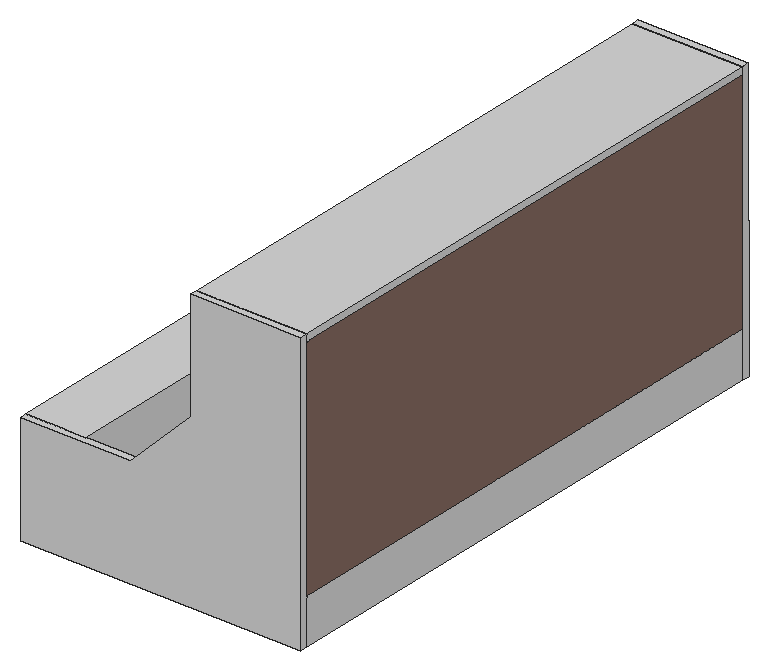
Revit family "MF_INSIDE CORNER 2'_1904212", category Generic Models, Revit 2018
Family settings
  Can host rebar = No
  Round Connector Dimension = Use Diameter
  Part Type = Normal
  OmniClass Number = 35.51.14.00
  OmniClass Title = FORMWORK
  Work Plane-Based = Yes
  Always vertical = No
  Cut with Voids When Loaded = No
  Shared = Yes
  Room Calculation Point = No
Parameters
  VERSION = "20190101"  # constant formula
  URL = "www.ulmaconstruction.com/en"
  UNICLASS = ""
  ITEM_CODE = "1904212"
  Manufacturer = "ULMA CONSTRUCTION"  # constant formula
  FILTER [instance] = ""
  Default Elevation = 0"
  CLASSIFICATION_TITLE = ""
  CLASSIFICATION_NUMBER = ""
Reference planes (in)
  plane 1 "Centro (Frontal/Posterior)": y = 0
  plane 2: z = 0
  plane 3 "Centro (Izquierda/Derecha)": x = 0
  plane 4 "ITEM_HEIGHT": y = 24
Forms (in)
  Extrusion 1, solid, material "ULMA ZINC", detail levels fine
    sketch origin (0, 0, 0) x (1, 0, 0) y (0, 0, 1)
      loop
        line (-4.72435, 12.03937) -> (-4.72435, 9.48036) -> (-2.3217, 9.48036)
        arc (-2.3217, 9.48036) -> (-2.19128, 9.51962) -> (-2.10421, 9.62434) r 0.23626
        line (-2.10421, 9.62434) -> (-1.98199, 9.9124)
        arc (-1.98199, 9.9124) -> (-1.94565, 9.95611) -> (-1.89123, 9.97249) r 0.09859
        line (-1.89123, 9.97249) -> (-1.27952, 9.97249)
        arc (-1.27952, 9.97249) -> (-1.20993, 9.94366) -> (-1.1811, 9.87406) r 0.09843
        line (-1.1811, 9.87406) -> (-1.1811, 9.61816)
        arc (-1.1811, 9.61816) -> (-1.14074, 9.52072) -> (-1.0433, 9.48036) r 0.1378
        line (-1.0433, 9.48036) -> (-0.7874, 9.48036) -> (-0.7874, 11.72966) -> (0, 11.72966) -> (0, 12.03937) -> (-4.72435, 12.03937)
    from -23.68504 to -0.31496
  Extrusion 2, solid, material "ULMA ZINC", detail levels fine
    sketch origin (0, 0, 0) x (0, 0, -1) y (1, 0, 0)
      loop
        line (-4.72435, -12.03937) -> (0, -12.03937) -> (0, -11.72966) -> (-0.7874, -11.72966) -> (-0.7874, -9.48036) -> (-1.0433, -9.48036)
        arc (-1.0433, -9.48036) -> (-1.14074, -9.52072) -> (-1.1811, -9.61816) r 0.1378
        line (-1.1811, -9.61816) -> (-1.1811, -9.87406)
        arc (-1.1811, -9.87406) -> (-1.20993, -9.94366) -> (-1.27952, -9.97249) r 0.09843
        line (-1.27952, -9.97249) -> (-1.89123, -9.97249)
        arc (-1.89123, -9.97249) -> (-1.94565, -9.95611) -> (-1.98199, -9.9124) r 0.09859
        line (-1.98199, -9.9124) -> (-2.10421, -9.62434)
        arc (-2.10421, -9.62434) -> (-2.19128, -9.51962) -> (-2.3217, -9.48036) r 0.23626
        line (-2.3217, -9.48036) -> (-4.72435, -9.48036) -> (-4.72435, -12.03937)
    from -23.68504 to -0.31496
  Extrusion 3, solid, material "ULMA ZINC", detail levels fine
    sketch origin (-28.44404, 13.1811, -5.83792) x (1, 0, 0) y (0, 0, 1)
      loop
        line (23.71963, 10.56227) -> (18.96368, 10.56227) -> (18.96368, 6.62526) -> (25.49127, 6.62526) -> (25.49127, 6.74343) -> (26.81801, 6.74343) -> (26.81801, 7.4639) -> (27.53853, 7.4639) -> (27.53853, 8.79068) -> (27.65664, 8.79068) -> (27.65664, 15.31828) -> (23.71963, 15.31828) -> (23.71963, 10.56227)
    from 0 to 2.3622
  Extrusion 4, solid, material "ULMA ZINC", detail levels fine
    sketch origin (0, 0, 0) x (1, 0, 0) y (0, 0, 1)
      loop
        line (0, 1.95053) -> (-0.7874, 1.95053) -> (-0.7874, 2.95276) -> (-0.90551, 2.95276) -> (-0.90551, 1.83242) -> (-0.11811, 1.83242) -> (-0.11811, 0.11811) -> (-1.83317, 0.11811) -> (-1.83317, 0.90551) -> (-2.95276, 0.90551) -> (-2.95276, 0.7874) -> (-1.95128, 0.7874) -> (-1.95128, 0) -> (0, 0) -> (0, 1.95053)
    from -23.68504 to -0.31496
  Extrusion 5, solid, material "ULMA ZINC", detail levels fine
    sketch origin (0, 0, 0) x (1, 0, 0) y (0, 0, 1)
      loop
        line (0, 12.03937) -> (-4.72441, 12.03937) -> (-4.72441, 7.31496) -> (-7.31502, 4.72435) -> (-12.03937, 4.72435) -> (-12.03937, 0) -> (0, 0) -> (0, 12.03937)
    from 0 to -0.31496
  Extrusion 6, solid, material "ULMA ZINC", detail levels fine
    sketch origin (0, 23.68504, 0) x (1, 0, 0) y (0, 0, 1)
      loop
        line (0, 12.03937) -> (-4.72441, 12.03937) -> (-4.72441, 7.31496) -> (-7.31502, 4.72435) -> (-12.03937, 4.72435) -> (-12.03937, 0) -> (0, 0) -> (0, 12.03937)
    from 0 to -0.31496
  Extrusion 7, solid, material "ULMA PLYWOOD", detail levels fine
    sketch origin (0, 0, 0) x (0, 1, 0) y (0, 0, 1)
      loop
        line (0.31496, 11.72966) -> (0.31496, 1.95053) -> (23.68504, 1.95053) -> (23.68504, 11.72966) -> (0.31496, 11.72966)
    from 0 to -0.7874
  Extrusion 8, solid, material "ULMA PLYWOOD", detail levels fine
    sketch origin (-13.68094, 0, 0.7874) x (1, 0, 0) y (0, 1, 0)
      loop
        line (11.72966, 0.31496) -> (11.72966, 23.68504) -> (1.95053, 23.68504) -> (1.95053, 0.31496) -> (11.72966, 0.31496)
    from 0 to -0.7874
  Extrusion 9, solid, material "ULMA ZINC", detail levels coarse+medium
    sketch origin (0, 0, 0) x (1, 0, 0) y (0, 0, 1)
      loop
        line (-12.03937, 0) -> (0, 0) -> (0, 12.03937) -> (-4.72441, 12.03937) -> (-4.72441, 4.72435) -> (-12.03937, 4.72435) -> (-12.03937, 0)
    from 0 to -23.68504
  Extrusion 10, solid, material "ULMA ZINC", detail levels fine
    sketch origin (0, -90, 0) x (1, 0, 0) y (0, 1, 0)
      loop
        circle (-3.03931, 105) r 0.74803
    from 9.16539 to 9.48036
  Extrusion 11, solid, material "ULMA ZINC", detail levels fine
    sketch origin (0, -66, 0) x (0, 1, 0) y (0, 0, 1)
      loop
        circle (81, 3.03937) r 0.74803
    from -9.48036 to -9.16535
  Extrusion 12, solid, material "ULMA ZINC", detail levels fine
    sketch origin (-0.00006, -96, 0) x (1, 0, 0) y (0, 1, 0)
      loop
        circle (-3.03931, 105) r 0.74803
    from 9.16539 to 9.48036
  Extrusion 13, solid, material "ULMA ZINC", detail levels fine
    sketch origin (0, -72, 0) x (0, 1, 0) y (0, 0, 1)
      loop
        circle (81, 3.03937) r 0.74803
    from -9.48036 to -9.16535
  Extrusion 14, solid, material "ULMA ZINC", detail levels fine
    sketch origin (0, 0, 0) x (1, 0, 0) y (0, 1, 0)
      loop
        line (-0.7874, 23.68504) -> (-1.77165, 23.68504) -> (-1.77165, 22.70079) -> (-0.7874, 22.70079) -> (-0.7874, 23.68504)
    from 2.95276 to 9.48036
  Extrusion 15, solid, material "ULMA ZINC", detail levels fine
    sketch origin (0, -22.38583, -1.32283) x (1, 0, 0) y (0, 1, 0)
      loop
        line (-0.7874, 23.68504) -> (-1.77165, 23.68504) -> (-1.77165, 22.70079) -> (-0.7874, 22.70079) -> (-0.7874, 23.68504)
    from 4.27559 to 10.8032
  Extrusion 16, solid, material "ULMA ZINC", detail levels fine
    sketch origin (0, 0, 0) x (0, 1, 0) y (0, 0, 1)
      loop
        line (1.29921, 1.77165) -> (0.31496, 1.77165) -> (0.31496, 0.7874) -> (1.29921, 0.7874) -> (1.29921, 1.77165)
    from -2.95276 to -9.48036
  Extrusion 17, solid, material "ULMA ZINC", detail levels fine
    sketch origin (0, 22.38583, 0) x (0, 1, 0) y (0, 0, 1)
      loop
        line (1.29921, 1.77165) -> (0.31496, 1.77165) -> (0.31496, 0.7874) -> (1.29921, 0.7874) -> (1.29921, 1.77165)
    from -2.95276 to -9.48036
Lines and regions (in)
  model lines, style "ULMA PANELS", detail levels fine
    curve 1: circle (-3.14961, 13.1811, 6.03932) r 0.40354 normal (0, -1, 0)
    curve 2: circle (-6.03937, 13.1811, 3.14955) r 0.40354 normal (0, -1, 0)
    curve 3: circle (-3.14961, 10.8189, 6.03932) r 0.40354 normal (0, -1, 0)
    curve 4: circle (-6.03937, 10.8189, 3.14955) r 0.40354 normal (0, -1, 0)
    curve 5: circle (-3.14961, 0, 6.03932) r 0.3937 normal (0, -1, 0)
    curve 6: circle (-6.03937, 0, 3.14955) r 0.3937 normal (0, -1, 0)
    curve 7: circle (-0.59055, 0, 0.59055) r 0.3937 normal (0, -1, 0)
    curve 8: circle (-3.14961, 24, 6.03932) r 0.3937 normal (0, -1, 0)
    curve 9: circle (-6.03937, 24, 3.14955) r 0.3937 normal (0, -1, 0)
    curve 10: circle (-0.59055, 24, 0.59055) r 0.3937 normal (0, -1, 0)
    curve 11: circle (-3.03931, 15, 12.03937) r 0.43307 normal (0, 0, 1)
    curve 12: circle (-3.03931, 15, 9.16539) r 0.43307 normal (0, 0, 1)
    curve 13: circle (-10.75984, 22.38583, 4.72435) r 0.82677 normal (0, 0, 1)
    curve 14: circle (-10.75984, 22.38583, 0) r 0.82677 normal (0, 0, 1)
    curve 15: circle (0, 22.38583, 10.75984) r 0.82677 normal (1, 0, 0)
    curve 16: circle (-9.16535, 15, 3.03937) r 0.43307 normal (1, 0, 0)
    curve 17: circle (-12.03937, 15, 3.03937) r 0.43307 normal (1, 0, 0)
    curve 18: circle (-10.75984, 1.61417, 4.72435) r 0.82677 normal (0, 0, 1)
    curve 19: circle (-10.75984, 1.61417, 0) r 0.82677 normal (0, 0, 1)
    curve 20: circle (-3.03937, 9, 12.03937) r 0.43307 normal (0, 0, 1)
    curve 21: circle (-3.03937, 9, 9.16539) r 0.43307 normal (0, 0, 1)
    curve 22: circle (-9.16535, 9, 3.03937) r 0.43307 normal (1, 0, 0)
    curve 23: circle (-12.03937, 9, 3.03937) r 0.43307 normal (1, 0, 0)
    curve 24: circle (0, 1.61417, 10.75984) r 0.82677 normal (1, 0, 0)
    curve 25: circle (-4.72441, 22.38583, 10.75984) r 0.82677 normal (1, 0, 0)
    curve 26: circle (-4.72441, 1.61417, 10.75984) r 0.82677 normal (1, 0, 0)
    curve 27: circle (-3.14961, 0.31496, 6.03932) r 0.3937 normal (0, -1, 0)
    curve 28: circle (-6.03937, 0.31496, 3.14955) r 0.3937 normal (0, -1, 0)
    curve 29: circle (-0.59055, 0.31496, 0.59055) r 0.3937 normal (0, -1, 0)
    curve 30: circle (-3.14961, 23.68504, 6.03932) r 0.3937 normal (0, -1, 0)
    curve 31: circle (-6.03937, 23.68504, 3.14955) r 0.3937 normal (0, -1, 0)
    curve 32: circle (-0.59055, 23.68504, 0.59055) r 0.3937 normal (0, -1, 0)
Dimensions and locks (in)
  aligned and locked: level to plane 2
